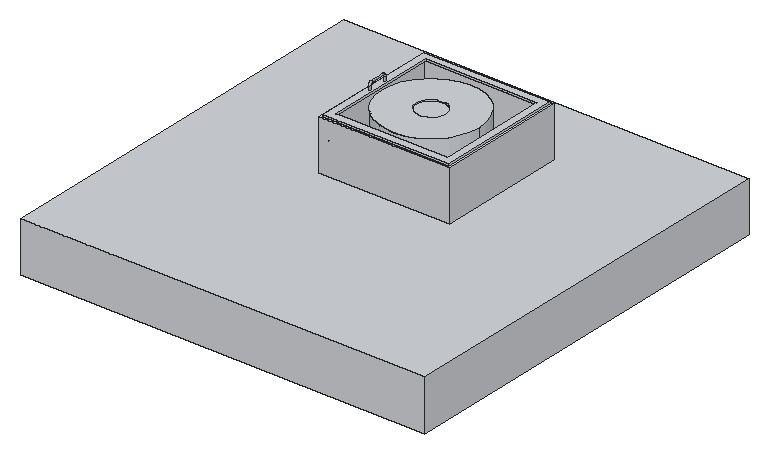
Revit family "M_Armário do carretel da mangueira - Montado na superfície", category Equipamento mecânico, Revit 2019
Family settings
  Hospedeiro = Face
  Cota do conector redondo = Usar raio
  Tipo de parte = Normal
  Número OmniClass = 23.65.70.17.11.27
  Título OmniClass = Cabinets for Fire Hoses
  ID de item do Seek = Hose Reel Cabinet - Surface Mounted-0000-CAN-ENU
  Corte com vazios quando carregada = Não
  Compartilhado = Não
  Ponto de cálculo do ambiente = Não
Parameters (values of type "25 mm")
  Pressão do fluxo [instance] = 34400.0 Pa
  Raio nominal = Diâmetro nominal / 2  # 12.5 mm
  Diâmetro nominal = 25 mm
  Material da mangueira = none
  Fluxo [instance] = 2.52 L/s
  Elevação-padrão = 700 mm
  Material do armário = none
Reference planes
  plane 1 "Centro (Frente/Trás)": y = 0
  plane 2: z = 0
  plane 3 "Centro (Esquerda/Direita)": x = 0
  plane 4: y = 787.4
  plane 5: x = -393.7
  plane 6: x = 393.7
  plane 7: z = 304.8
  plane 8: y = 774.7
  plane 9: y = 12.7
  plane 10: x = -381
  plane 11: x = 381
  plane 12: z = 20.638
  plane 13: x = -73.025
  plane 14: y = 444.5
  plane 15: x = -336.55
  plane 16: y = 730.25
  plane 17: x = 336.55
  plane 18: y = 57.15
  plane 19: z = 314.325
  plane 20: z = 265.113
  plane 21: z = 258.763
  plane 22: z = 147.637
  plane 23 "1": z = 152.4
  plane 24: x = 192.088
  plane 25: y = 127
  plane 26: y = 90.487
  plane 27: y = 179.387
  plane 28: x = -155.575
  plane 29: y = 66.675
  plane 30 "2": x = -358.775
  plane 31 "mi": y = 393.7
Forms (mm)
  Extrusion 1, solid
    sketch origin (0, 0, 0) x (1, 0, 0) y (0, 1, 0)
      loop
        line (-1219.2, 1219.2) -> (-1219.2, -1219.2) -> (1219.2, -1219.2) -> (1219.2, 1219.2) -> (-1219.2, 1219.2)
    from 0 to -304.8
  Extrusion 2, solid, material <- "Material do armário"
    sketch origin (0, 0, 0) x (1, 0, 0) y (0, 1, 0)
      loop
        line (-393.7, 787.4) -> (-393.7, 0) -> (393.7, 0) -> (393.7, 787.4) -> (-393.7, 787.4)
    from 0 to 304.8
  Extrusion 3, void
    sketch origin (0, 0, 0) x (1, 0, 0) y (0, 1, 0)
      loop
        line (-381, 774.7) -> (-381, 12.7) -> (381, 12.7) -> (381, 774.7) -> (-381, 774.7)
    from 20.638 to 304.8
  Extrusion 4, solid, material <- "Material do armário"
    sketch origin (0, 0, 0) x (1, 0, 0) y (0, 1, 0)
      loop
        line (-381, 774.7) -> (-381, 12.7) -> (381, 12.7) -> (381, 774.7) -> (-381, 774.7)
      loop
        line (-336.55, 730.25) -> (-336.55, 57.15) -> (336.55, 57.15) -> (336.55, 730.25) -> (-336.55, 730.25)
    from 314.325 to 304.8
  Extrusion 5, solid, material <- "Material do armário", detail levels fine
    sketch origin (0, 0, 0) x (1, 0, 0) y (0, 1, 0)
      loop
        circle (-73.025, 444.5) r 292.1
    from 20.638 to 265.113
  Extrusion 6, void
    sketch origin (0, 0, 0) x (1, 0, 0) y (0, 1, 0)
      loop
        circle (-73.025, 444.5) r 88.9
    from 258.763 to 265.113
  Extrusion 7, solid, material <- "Material da mangueira", detail levels fine
    sketch origin (0, 0, 0) x (1, 0, 0) y (0, 0, 1)
      loop
        circle (192.087, 147.638) r 12.7
    from -90.488 to -127
  Extrusion 8, solid, material <- "Material da mangueira", detail levels fine
    sketch origin (0, 0, 0) x (1, 0, 0) y (0, 0, 1)
      loop
        circle (192.087, 147.638) r 9.525
    from -444.5 to -127
  Sweep 9, solid, material <- "Material da mangueira", detail levels fine
    path in 3D
      loop
        arc (-42.862, 179.387, 152.4) -> (-75.875, 99.688, 152.4) -> (-155.575, 66.675, 152.4) r 112.712
        line (-155.575, 66.675, 152.4) -> (-393.7, 66.675, 152.4)
    profile origin (-274.637, 66.675, 152.4) x (0, -1, 0) y (0, 0, 1)
      loop
        circle (0, 0) r 9.525
  Sweep 10, solid, material <- "Material do armário", detail levels fine
    path in 3D
      loop
        line (-358.775, 450.85, 314.325) -> (-358.775, 450.85, 339.725)
        arc (-358.775, 450.85, 339.725) -> (-358.775, 447.13, 348.705) -> (-358.775, 438.15, 352.425) r 12.7
        line (-358.775, 438.15, 352.425) -> (-358.775, 349.25, 352.425)
        arc (-358.775, 349.25, 352.425) -> (-358.775, 340.27, 348.705) -> (-358.775, 336.55, 339.725) r 12.7
        line (-358.775, 336.55, 339.725) -> (-358.775, 336.55, 314.325)
    profile origin (-358.775, 393.7, 352.425) x (0, 0, -1) y (1, 0, 0)
      loop
        circle (0, 0) r 4.763
Cuts and joins
  Extrusion 6 cuts Extrusion 5
  Extrusion 6 cuts Extrusion 4
  Extrusion 3, Extrusion 6 cuts Extrusion 2
Lines and regions (mm)
  reference lines
    curve 1: line (-155.575, 66.675, 152.4) -> (-393.7, 66.675, 152.4)
    curve 2: arc (-155.575, 66.675, 152.4) -> (-75.875, 99.688, 152.4) -> (-42.862, 179.387, 152.4) r 112.712
    curve 5: line (-358.775, 450.85, 314.325) -> (-358.775, 450.85, 339.725)
    curve 6: arc (-358.775, 450.85, 339.725) -> (-358.775, 447.13, 348.705) -> (-358.775, 438.15, 352.425) r 12.7
    curve 7: line (-358.775, 438.15, 352.425) -> (-358.775, 349.25, 352.425)
    curve 8: line (-358.775, 336.55, 314.325) -> (-358.775, 336.55, 339.725)
    curve 9: arc (-358.775, 336.55, 339.725) -> (-358.775, 340.27, 348.705) -> (-358.775, 349.25, 352.425) r 12.7
  sketch lines
    curve 3: line (-155.575, 66.675, 152.4) -> (-393.7, 66.675, 152.4)
    curve 4: arc (-155.575, 66.675, 152.4) -> (-75.875, 99.688, 152.4) -> (-42.862, 179.387, 152.4) r 112.712
    curve 10: line (-358.775, 438.15, 352.425) -> (-358.775, 349.25, 352.425)
    curve 11: arc (-358.775, 450.85, 339.725) -> (-358.775, 447.13, 348.705) -> (-358.775, 438.15, 352.425) r 12.7
    curve 12: line (-358.775, 450.85, 314.325) -> (-358.775, 450.85, 339.725)
    curve 13: arc (-358.775, 336.55, 339.725) -> (-358.775, 340.27, 348.705) -> (-358.775, 349.25, 352.425) r 12.7
    curve 14: line (-358.775, 336.55, 314.325) -> (-358.775, 336.55, 339.725)
Dimensions and locks
  locked: plane 4 to plane 1 "Centro (Frente/Trás)" at 787.4
  plane 5 to plane 6 = 787.4 mm
  equal spacing: plane 5, plane 3 "Centro (Esquerda/Direita)", plane 6
  plane 7 to plane 2 = 304.8 mm
  locked: plane 5 to plane 10 at 12.7
  locked: plane 11 to plane 6 at 12.7
  locked: plane 9 to plane 1 "Centro (Frente/Trás)" at 12.7
  locked: plane 4 to plane 8 at 12.7
  plane 12 to plane 2 = 20.638 mm  (x2)
  locked: plane 4 to plane 14 at 342.9
  locked: plane 5 to plane 13 at 320.675
  locked: plane 20 to plane 2 at 265.113
  locked: plane 20 to plane 21 at 6.35
  plane 22 to plane 2 = 147.638 mm
  locked: plane 23 "1" to plane 2 at 152.4
  plane 24 to plane 6 = 201.613 mm
  locked: plane 26 to plane 18 at 33.337
  plane 25 to plane 26 = 36.513 mm
  plane 15 to plane 28 = 180.975 mm
  locked: plane 27 to plane 18 at 122.238
  plane 5 to plane 30 "2" = 34.925 mm
  equal spacing: plane 1 "Centro (Frente/Trás)", plane 31 "mi", plane 4
  radius of Extrusion 6 sketch curve = 88.9 mm
  radius of Sweep 10 sketch curve = 4.763 mm
  aligned and locked: plane 2 to Extrusion 1
  aligned and locked: level to Extrusion 1
  aligned and locked: plane 5 to Extrusion 2 sketch curve
  aligned and locked: Extrusion 2 sketch curve to plane 4
  aligned and locked: plane 1 "Centro (Frente/Trás)" to Extrusion 2 sketch curve
  aligned and locked: plane 6 to Extrusion 2 sketch curve
  aligned and locked: plane 7 to Extrusion 2
  aligned and locked: Extrusion 2 to level
  aligned and locked: plane 10 to Extrusion 3 sketch curve
  aligned and locked: Extrusion 3 sketch curve to plane 8
  aligned and locked: plane 9 to Extrusion 3 sketch curve
  aligned and locked: plane 11 to Extrusion 3 sketch curve
  aligned and locked: Extrusion 2 to Extrusion 3
  aligned and locked: plane 15 to Extrusion 4 sketch curve
  aligned and locked: plane 16 to Extrusion 4 sketch curve
  aligned and locked: plane 18 to Extrusion 4 sketch curve
  aligned and locked: plane 17 to Extrusion 4 sketch curve
  aligned and locked: plane 19 to Extrusion 4
  aligned and locked: plane 13 to Extrusion 5 sketch curve
  aligned and locked: plane 14 to Extrusion 5 sketch curve
  aligned and locked: plane 20 to Extrusion 5
  aligned and locked: Extrusion 3 to plane 12
  aligned and locked: plane 13 to Extrusion 6 sketch curve
  aligned and locked: plane 14 to Extrusion 6 sketch curve
  aligned and locked: plane 20 to Extrusion 6
  aligned and locked: Extrusion 6 to plane 21
  aligned and locked: plane 22 to Extrusion 7 sketch curve
  aligned and locked: plane 24 to Extrusion 7 sketch curve
  aligned and locked: plane 22 to Extrusion 8 sketch curve
  aligned and locked: plane 24 to Extrusion 8 sketch curve
  aligned and locked: Extrusion 7 to plane 25
  aligned and locked: Extrusion 7 to plane 26
  aligned and locked: Extrusion 8 to plane 14
  aligned and locked: Extrusion 8 to Extrusion 7
  aligned and locked: curve 2 to plane 27
Automatic sketch dimensions
  curve 1 to plane 5 = 0 mm
  curve 2 to plane 29 = 0 mm
  curve 1 to plane 28 = 0 mm
  Sweep 9 sketch curve to profile plane = 0 mm  (x2)
  curve 8 to plane 19 = 0 mm
  curve 5 to plane 19 = 0 mm
  curve 9 to plane 31 "mi" = 57.15 mm
  curve 8 to curve 9 = 12.7 mm
  curve 6 to plane 14 = 6.35 mm
  plane 14 to curve 5 = 6.35 mm
  plane 19 to curve 6 = 25.4 mm
  Sweep 10 sketch curve to profile plane = 0 mm  (x2)
  Extrusion 4 sketch curve to plane 9 = 0 mm
  Extrusion 4 sketch curve to plane 10 = 0 mm
  Extrusion 4 sketch curve to plane 8 = 0 mm
  Extrusion 4 sketch curve to plane 11 = 0 mm
  Extrusion 1 sketch curve to Extrusion 1 sketch curve = 2438.4 mm  (x2)
  radius of Extrusion 5 sketch curve = 292.1 mm
  radius of Extrusion 7 sketch curve = 12.7 mm
  radius of Extrusion 8 sketch curve = 9.525 mm
  radius of Sweep 9 sketch curve = 9.525 mm
Connectors
  piping at (-393.7, 66.675, 152.4), diameter 25, driven by "Raio nominal", driven by "Fluxo", driven by "Pressão do fluxo"
    settings: on Sweep 9, index 1, connector inside diameter 25 mm, connector length 0 mm, flow factor 0, pipe flow 2.52 L/s, pressure drop 34400.0 Pa, fitting loss kfactor 0, connector angle 0.00°, fixture units 0, engagement length 0 mm, angle of deflection 0.00°, flow configuration 1, flow direction 1, fitting loss method 4, system type 26, joint type 0, gender type 0, connector reference index -1, connector utility 0, adjustable connector no, is connector primary yes, connector description "In"
